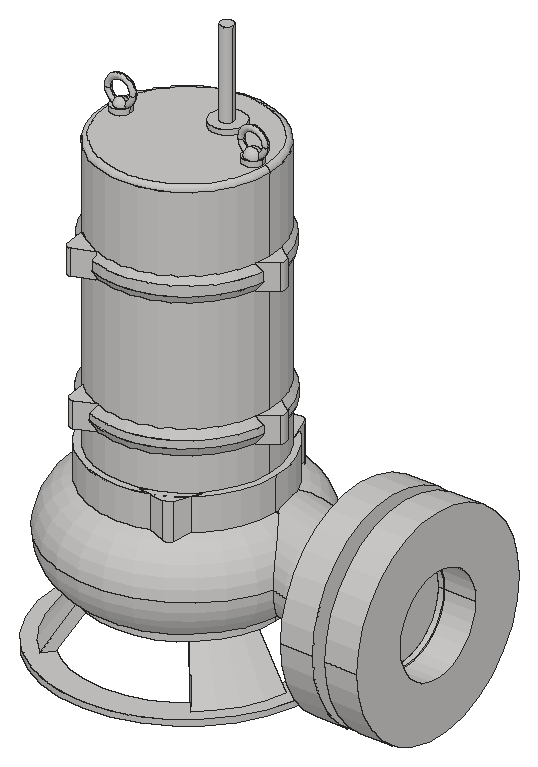
Revit family "CNP_Погружной канализационный насос WQ(I)", category Оборудование, Revit 2027
Family settings
  Размер круглого соединителя = Использовать диаметр
  Классификация = Насос
  Тип детали = Нормальный
  На основе рабочей плоскости = Нет
  Всегда вертикально = Да
  При загрузке вырезать с полостями = Нет
  Сохранять ориентацию аннотаций = Нет
  Общий = Нет
  Точка принадлежности помещению = Нет
Parameters (values of type "100WQ50-7-2.2(I)")
  Частота = size_lookup(ТВ, "Частота", 0, DN, Производительность, Напор, ADSK_Номинальная мощность, Количество полюсов, ADSK_Напряжение)  # 2880
  Толщина фланца = if(DN < 200 mm, DN / 3, DN / 4)  # 33.333 mm
  Температура рабочей среды = "от-15 до +110℃"  # constant formula
  ТВ = "wq"  # constant formula
  Степень защиты IP = "IP55"  # constant formula
  Разработчик = "https://3dbim.pro/"
  Радиус основной = Диаметр основной / 3  # 57.42 mm
  Рабочее давление = 10.0 bar
  Рабочая среда = "Чистая невзрывоопасная маловязкая жидкость несодержащая абразивных частиц и волокон."  # constant formula
  Производительность = 50.0 m³/h
  Отметка по умолчанию = 0 mm
  Ось = H2 - L + Толщина фланца * 1.2  # 110 mm
  Обратный фланец [instance] = yes
  Напор = 7.00 mm
  Материал рабочего колеса = "Бронза"
  Количество полюсов = 2
  Класс изоляции = " F"
  Диаметр фланца = if(DN = 40 mm, 130 mm, if(DN = 50 mm, 140 mm, if(DN = 65 mm, 160 mm, if(DN = 80 mm, 190 mm, if(DN = 100 mm, 210 mm, if(DN = 150 mm, 265 mm, if(DN = 200 mm, 320 mm, if(DN = 250 mm, 375 mm, if(DN = 300 mm, 440 mm, if(DN = 350 mm, 490 mm, if(DN = 400 mm, 565 mm, 675 mm)))))))))))  # 210 mm
  Диаметр основной ось = Диаметр основной * 0.89  # 153.311 mm
  Диаметр основной = H * 0.33  # 172.26 mm
  L = if(DN = 40 mm, 115 mm, if(DN = 50 mm, 125 mm, if(DN = 65 mm, 140 mm, if(DN = 80 mm, 150 mm, if(DN = 100 mm, 200 mm, if(DN = 150 mm, 250 mm, if(DN = 200 mm, 300 mm, if(DN = 250 mm, 300 mm, if(DN = 300 mm, 300 mm, if(DN = 350 mm, 350 mm, if(DN = 400 mm, 400 mm, 500 mm)))))))))))  # 200 mm
  H2 = size_lookup(ТВ, "H2", 0 mm, DN, Производительность, Напор, ADSK_Номинальная мощность, Количество полюсов, ADSK_Напряжение)  # 270 mm
  H = size_lookup(ТВ, "H", 0 mm, DN, Производительность, Напор, ADSK_Номинальная мощность, Количество полюсов, ADSK_Напряжение)  # 522 mm
  F справа = F - F слева  # 221.344 mm
  F слева = Диаметр основной ось / 2 + DN / 4  # 101.656 mm
  F = size_lookup(ТВ, "F", 0 mm, DN, Производительность, Напор, ADSK_Номинальная мощность, Количество полюсов, ADSK_Напряжение)  # 323 mm
  DN = 100 mm
  ADSK_Этаж [instance] = ""
  ADSK_Ток = ADSK_Номинальная мощность / (ADSK_Коэффициент мощности * ADSK_Напряжение * sqrt(ADSK_Количество фаз числовое) * ADSK_КПД)  # 3.34255 A
  ADSK_Расход жидкости [instance] = 0.0 m³/h
  ADSK_Примечание [instance] = ""
  ADSK_Потеря давления жидкости [instance] = 0.0 bar
  ADSK_Полная мощность = ADSK_Номинальная мощность / ADSK_Коэффициент мощности  # 2200 VA
  ADSK_Позиция [instance] = ""
  ADSK_Обозначение = ""
  ADSK_Номинальная мощность = 2.2 kW
  ADSK_Напряжение = 380 V
  ADSK_Наименование краткое = "Погружной канализационный насос"  # constant formula
  ADSK_Наименование = size_lookup(ТВ, "ADSK_Наименование", "Нет данных", DN, Производительность, Напор, ADSK_Номинальная мощность, Количество полюсов, ADSK_Напряжение)  # "Погружной канализационный насос с 2-х полюсным ЭД 100WQ50-7-2.2(I)"
  ADSK_Материал наименование = ""
  ADSK_Материал = Чугун
  ADSK_Масса_Текст = size_lookup(ТВ, "ADSK_Масса_Текст", "Нет данных", DN, Производительность, Напор, ADSK_Номинальная мощность, Количество полюсов, ADSK_Напряжение)  # "43"
  ADSK_Масса = 15
  ADSK_Марка = ADSK_Код изделия  # "100WQ50-7-2.2(I)"
  ADSK_Коэффициент мощности = 1  # constant formula
  ADSK_Количество фаз числовое = 3
  ADSK_Количество фаз = 3
  ADSK_Количество = 1  # constant formula
  ADSK_Код изделия = size_lookup(ТВ, "ADSK_Код изделия", "Нет данных", DN, Производительность, Напор, ADSK_Номинальная мощность, Количество полюсов, ADSK_Напряжение)  # "100WQ50-7-2.2(I)"
  ADSK_КПД = 1  # constant formula
  ADSK_Завод-изготовитель = "CNP"  # constant formula
  ADSK_Единица измерения = "шт."  # constant formula
  ADSK_Диаметр условный = DN  # 100 mm
  ADSK_Версия Revit = "2019"  # constant formula
  ADSK_URL страницы изделия = "www.cnprussia.ru"
Reference planes
  plane 1 "По центру (Вперед/Назад)": y = 0
  plane 2: z = 0
  plane 3 "По центру (Влево/Вправо)": x = 0
  plane 4 "F": x = 221.344
  plane 5: x = -169
  plane 6: x = 169
  plane 7: x = -101.656
  plane 8 "ось": z = 110
  plane 9: y = 57.42
Forms (mm)
  Sweep 1, solid, material "Чугун" <- "ADSK_Материал", detail levels fine
    path origin (0, 0, 110) x (-1, 0, 0) y (0, -1, 0)
      loop
        circle (0, 0) r 76.656
    profile origin (0, -76.656, 110) x (0, 1, 0) y (0, 0, 1)
      loop
        circle (0, -0.178) r 50
  Sweep 2, solid, material "Чугун" <- "ADSK_Материал", detail levels fine
    path origin (0, 0, 110) x (-1, 0, 0) y (0, -1, 0)
      loop
        arc (-221.344, 0) -> (-107.075, -14.843) -> (0, -57.42) r 463.41
    profile origin (107.075, 14.843, 110) x (-0.251103, -0.96796, 0) y (0, 0, 1)
      loop
        circle (0, 0) r 50
Lines and regions (mm)
  model lines, detail levels coarse+medium
    curve 1: line (0, 0, 38.5) -> (0, 0, 110)
    curve 2: line (0, 0, 110) -> (225.344, 0, 110)
Dimensions and locks
  equal spacing: plane 6, plane 3 "По центру (Влево/Вправо)", plane 5
  plane 6 to plane 5 = 338 mm
  "F слева": plane 3 "По центру (Влево/Вправо)" to plane 7
  "F справа": plane 4 "F" to plane 3 "По центру (Влево/Вправо)"
  "Ось": plane 8 "ось" to level
  "Радиус основной": plane 9 to plane 1 "По центру (Вперед/Назад)"
  plane 4 "F" to plane 7 = 323 mm
  "DN": diameter of Sweep 1 sketch curve
  "Диаметр основной ось": diameter of Sweep 1 sketch curve
  "DN": diameter of Sweep 2 sketch curve
  aligned and locked: level to plane 2
  aligned and locked: plane 3 "По центру (Влево/Вправо)" to nested 1
  aligned and locked: plane 1 "По центру (Вперед/Назад)" to nested 1
  aligned and locked: plane 3 "По центру (Влево/Вправо)" to Sweep 2 sketch curve
  aligned and locked: plane 9 to Sweep 2 sketch curve
  aligned and locked: plane 4 "F" to Sweep 2 sketch curve
  aligned and locked: plane 1 "По центру (Вперед/Назад)" to Sweep 2 sketch curve
  aligned and locked: plane 8 "ось" to Sweep 2
  aligned and locked: nested 2 to plane 1 "По центру (Вперед/Назад)"
  aligned and locked: plane 8 "ось" to nested 1
  aligned and locked: nested 2 to plane 8 "ось"
  aligned and locked: nested 1 to curve 1
  aligned and locked: plane 1 "По центру (Вперед/Назад)" to nested 4
  aligned and locked: plane 3 "По центру (Влево/Вправо)" to nested 4
  aligned and locked: plane 8 "ось" to nested 4
  aligned and locked: curve 2 to nested 2
  aligned and locked: nested 3 to plane 8 "ось"
  aligned and locked: plane 4 "F" to nested 2
  aligned and locked: plane 8 "ось" to nested 5
  aligned and locked: plane 4 "F" to nested 5
Automatic sketch dimensions
  curve 1 to plane 3 "По центру (Влево/Вправо)" = 0 mm
  plane 4 "F" to curve 2 = 4 mm
  plane 1 "По центру (Вперед/Назад)" to Sweep 1 sketch curve = 0 mm
  Sweep 1 sketch curve to plane 3 "По центру (Влево/Вправо)" = 0 mm
  Sweep 1 sketch curve to profile plane = 0 mm
  Sweep 1 sketch curve to profile plane = 0.178 mm
  plane 4 "F" to Sweep 2 sketch curve = 2.094 mm
  plane 8 "ось" to Sweep 2 sketch curve = 0 mm
  Sweep 2 sketch curve to profile plane = 0 mm
Nested families
  nested 1: "Вл.Корпус" at (0, 0, 0), H <- "H", F <- "F", H9 <- "Ось", DN <- "DN", type "Вл.Корпус", detail levels fine
    with Расстояние между кольцами 137.808 mm, Радиус основной 86.13 mm, Радиус колец 13.05 mm, Н общая 568.98 mm, Зона обслужинания yes, Диаметр трубки1 12.92 mm, Диаметр трубки 34.452 mm, Диаметр основной2 186.041 mm, Диаметр основной полый 145.116 mm, Диаметр основной 172.26 mm, Диаметр ножки нижний 244.296 mm, Диаметр нижний внутренний полый 195.437 mm, Диаметр нижний внутренний 217.152 mm, Диаметр нижний 271.44 mm, Диаметр кольца 5.22 mm, Высота дуги 26.1 mm, H9-6 80.008 mm, H9 110 mm, H8 380.016 mm, H7 237.51 mm, H6 190.008 mm, H5 55 mm, H4 475.02 mm, H10 16.5 mm, H 522 mm, F 323 mm, DN 100 mm, ADSK_Этаж "", ADSK_Примечание "", ADSK_Позиция ""
  nested 2: "Вл_ФЛАНЕЦ" at (198.011, 0, 110) x (-1, 0, 0) z (0, 0, 1), Диаметр фланца <- "DN", Диаметр наружный <- "Диаметр фланца", ADSK_Материал <- "ADSK_Материал", Толщина фланца <- "Толщина фланца", type "Вл_ФЛАНЕЦ", detail levels fine
    with Толщина фланца 33.333 mm, Толщина пластинки 6.667 mm, Диаметр фланца 100 mm, Диаметр наружный 210 mm, ds11 150 mm, ds1 145 mm, NN 8, ADSK_Материал Чугун
  nested 3: "УГО_ЭУ_Насос" at (0, 0, 110) x (1, 0, 0) z (0, -1, 0), D <- "DN", type "УГО_ЭУ_Насос", detail levels coarse+medium
    with D 100 mm, A2 25 mm, A1 50 mm
  nested 4: "УГО_Насос" at (0, 0, 110) x (1, 0, 0) z (0, 1, 0), УГО_D <- "DN", type "УГО_Насос", detail levels coarse+medium
    with УГО_D 100 mm, D1 103 mm, B 25 mm, A 86.603 mm
  nested 5: "Вл_ФЛАНЕЦ" at (244.678, 0, 110), Диаметр фланца <- "DN", Диаметр наружный <- "Диаметр фланца", ADSK_Материал <- "ADSK_Материал", Толщина фланца <- "Толщина фланца", visible <- "Обратный фланец", type "Вл_ФЛАНЕЦ", detail levels fine
    with Толщина фланца 33.333 mm, Толщина пластинки 6.667 mm, Диаметр фланца 100 mm, Диаметр наружный 210 mm, ds11 150 mm, ds1 145 mm, NN 8, ADSK_Материал Чугун
Connectors
  piping at (221.344, 0, 110), diameter 100, driven by "ADSK_Расход жидкости", driven by "DN"
    settings: on nested 2, index 2, connector inside diameter 609.6 mm, connector length 0 mm, flow factor 0, pipe flow 0.0 m³/h, pressure drop 0.0 bar, fitting loss kfactor 0, connector angle 0.00°, fixture units 0, engagement length 0 mm, angle of deflection 0.00°, flow configuration 0, flow direction 2, fitting loss method 0, system type 29, joint type 0, gender type 0, connector reference index 3, connector utility 0, adjustable connector no, is connector primary yes, connector description ""
  piping at (0, 0, 38.5), diameter 100, driven by "DN", driven by "ADSK_Расход жидкости"
    settings: on nested 1, index 3, connector inside diameter 609.6 mm, connector length 0 mm, flow factor 0, pipe flow 0.0 m³/h, pressure drop 0.0 bar, fitting loss kfactor 0, connector angle 0.00°, fixture units 0, engagement length 0 mm, angle of deflection 0.00°, flow configuration 0, flow direction 1, fitting loss method 0, system type 29, joint type 0, gender type 0, connector reference index 2, connector utility 0, adjustable connector no, is connector primary no, connector description ""
  electrical at (14.267, 34.452, 568.98), driven by "ADSK_Напряжение", driven by "ADSK_Полная мощность", driven by "ADSK_Коэффициент мощности", driven by "ADSK_Количество фаз"
    settings: on nested 1, index 4, voltage 380 V, apparent load 2200 VA, apparent load phase1 0 VA, apparent load phase2 0 VA, apparent load phase3 0 VA, power factor 1, load classification "Прочее", number of poles 3, system type 30, power factor state 1, is connector primary yes, connector utility no, sub classification motor no, connector description ""
Definition of nested family "Вл.Корпус"
  Parameters (values of type "Вл.Корпус")
    Частота вращения = "1450"
    Толщина зубца = 10 mm
    Тип соединения = "Фланцевое"  # constant formula
    Температура рабочей среды = "от-15 до +110℃"  # constant formula
    ТВ = "Насосы_NIS"  # constant formula
    Степень защиты IP = "IP55"  # constant formula
    Срок службы = "10 лет"  # constant formula
    Расстояние между кольцами [instance] = Диаметр основной * 0.8  # 211.2 mm
    Разработчик = "https://3dbim.pro/"
    Радиус основной [instance] = Диаметр основной / 2  # 132 mm
    Радиус колец [instance] = H * 0.025  # 20 mm
    Радиус загиба = 5 mm  # constant formula
    Рабочее давление = 10.0 bar
    Рабочая среда = "Чистая невзрывоопасная маловязкая жидкость несодержащая абразивных частиц и волокон."  # constant formula
    Default Elevation = 0 mm
    Номинальный напор = "8.5"
    Номинальный КПД = "45"
    Номинальная подача = 6.3 m³/h
    Нзначение = "Водоснабжение, системы кондиционирования, противопожарные и ирригационны"  # constant formula
    Н общая [instance] = H * 1.09  # 872 mm
    Материал рабочего колеса = "Бронза"
    Класс изоляции = " F"  # constant formula
    Зона обслужинания [instance] = yes
    Диаметр трубки1 [instance] = Радиус основной * 0.15  # 19.8 mm
    Диаметр трубки [instance] = Радиус основной * 0.4  # 52.8 mm
    Диаметр основной2 [instance] = Диаметр основной * 1.08  # 285.12 mm
    Диаметр основной полый [instance] = Диаметр основной - Диаметр нижний * 0.1  # 222.4 mm
    Диаметр основной [instance] = H * 0.33  # 264 mm
    Диаметр ножки нижний [instance] = Диаметр нижний внутренний + Диаметр нижний * 0.1  # 374.4 mm
    Диаметр нижний внутренний полый [instance] = Диаметр нижний внутренний * 0.9  # 299.52 mm
    Диаметр нижний внутренний [instance] = Диаметр нижний * 0.8  # 332.8 mm
    Диаметр нижний [instance] = H * 0.52  # 416 mm
    Диаметр кольца [instance] = H * 0.01  # 8 mm
    Габаритные размеры = "483х352х336"
    Высота дуги [instance] = H * 0.05  # 40 mm
    Type = 19 mm
    H9-6 [instance] = H6 - H9  # 83.2 mm
    H9 [instance] = 208 mm
    H8 [instance] = H4 * 0.8  # 582.4 mm
    H7 [instance] = H4 * 0.5  # 364 mm
    H6 [instance] = H4 * 0.4  # 291.2 mm
    H5 [instance] = H9 / 2  # 104 mm
    H4 [instance] = H * 0.91  # 728 mm
    H10 [instance] = H5 * 0.3  # 31.2 mm
    H [instance] = 800 mm
    F [instance] = 500 mm
    DN [instance] = 50 mm
    ADSK_Этаж [instance] = ""
    ADSK_Ток = 0 A
    ADSK_Расход жидкости = 0.0 m³/h
    ADSK_Примечание [instance] = ""
    ADSK_Потеря давления жидкости = 0.0 bar
    ADSK_Полная мощность = 0 VA
    ADSK_Позиция [instance] = ""
    ADSK_Обозначение = "NIS50-32-160/0.55"
    ADSK_Номинальная мощность = 0.55 kW
    ADSK_Напряжение = 220 V
    ADSK_Наименование краткое = "Насос NIS50-32-160/0.55"
    ADSK_Наименование = "Насос NIS50-32-160/0.55, 0,55 кВт, 1x220В, 50 Гц, рабочее колесо бронза"
    ADSK_Материал наименование = "Чугун HT200"
    ADSK_Материал = none
    ADSK_Масса_Текст = "44"
    ADSK_Марка = ADSK_Обозначение  # "NIS50-32-160/0.55"
    ADSK_Количество фаз числовое = 1
    ADSK_Количество фаз = 1
    ADSK_Количество = 1  # constant formula
    ADSK_Код изделия = "NIS50-32-160/0.55DWC"
    ADSK_Завод-изготовитель = "CNP"  # constant formula
    ADSK_Единица измерения = "шт."  # constant formula
    ADSK_Диаметр условный = 50 mm
    ADSK_Версия Revit = "2019"  # constant formula
    ADSK_URL страницы изделия = "www.cnprussia.ru"
  Reference planes
    plane 1 "По центру (Вперед/Назад)": y = 0
    plane 2: z = 0
    plane 3 "По центру (Влево/Вправо)": x = 0
    plane 4 "1": z = 104
    plane 5: z = 800
    plane 6: x = -208
    plane 7: x = 208
    plane 8: z = 872
    plane 9: z = 728
    plane 10: z = 6
    plane 11: z = 582.4
    plane 12: z = 291.2
    plane 13: z = 208
    plane 14: z = 364
    plane 15: x = -105.6
    plane 16: x = 105.6
    plane 17: z = 733
    plane 18: x = -105.6
    plane 19: x = 105.6
    plane 20: x = -105.6
    plane 21 "2": x = -105.6
    plane 22: x = 105.6
    plane 23: through (0, 0, 1200) normal (-0.866, -0.5, 0)
    plane 24: through (0, 0, 1200) normal (0.866, -0.5, 0)
    plane 25: through (0, 0, 1200) normal (-0.5, 0.866, 0)
    plane 26: through (0, 0, 1200) normal (0.5, 0.866, 0)
    plane 27: through (0, 0, 1200) normal (-0.866, 0.5, 0)
    plane 28: through (0, 0, 1200) normal (0.866, 0.5, 0)
    plane 29: x = -132
    plane 30: x = 132
    plane 31: x = 105.6
    plane 32: z = 72.8
  Forms (mm)
    Extrusion 1, solid, material <- "ADSK_Материал"
      sketch origin (0, 0, 0) x (1, 0, 0) y (0, 1, 0)
        loop
          circle (0, 0) r 132
      from 291.2 to 728
    Extrusion 2, solid, material <- "ADSK_Материал"
      sketch origin (0, 0, 0) x (1, 0, 0) y (0, 1, 0)
        loop
          circle (0, 0) r 208
        loop
          circle (0, 0) r 166.4
      from 0 to 6
    Revolve 3, solid, material <- "ADSK_Материал"
      sketch origin (0, 0, 0) x (1, 0, 0) y (0, 0, 1)
        loop
          line (0, 602.4) -> (0, 562.4) -> (132, 562.4) -> (140.608, 577.309) -> (140.608, 587.491) -> (132, 602.4) -> (0, 602.4)
        axis (0, 602.4) -> (0, 562.4)
      angle from 0 to 360
    Revolve 4, solid, material <- "ADSK_Материал"
      sketch origin (0, 0, 0) x (1, 0, 0) y (0, 0, 1)
        loop
          line (0, 384) -> (0, 344) -> (132, 344) -> (141.33, 360.16) -> (141.33, 367.84) -> (132, 384) -> (0, 384)
        axis (0, 384) -> (0, 344)
      angle from 0 to 360
    Extrusion 5, solid, material <- "ADSK_Материал"
      sketch origin (0, 0, 0) x (1, 0, 0) y (0, 1, 0)
        loop
          circle (-105.6, 0) r 10
        loop
          circle (105.6, 0) r 10
      from 728 to 733
    Revolve 6, solid, material <- "ADSK_Материал"
      sketch origin (0, 0, 0) x (1, 0, 0) y (0, 0, 1)
        loop
          line (-111.917, 733) -> (-98.623, 733)
          arc (-98.623, 733) -> (-105.27, 739.647) -> (-111.917, 733) r 6.647
        axis (-111.917, 733) -> (-98.623, 733)
      angle from 0 to 360
    Sweep 7, solid, material <- "ADSK_Материал"
      path origin (-0.795, 0, -5.751) x (1, 0, 0) y (0, 0, 1)
        loop
          circle (-104.805, 758.751) r 20
      profile origin (-105.6, 0, 773) x (0, 0, -1) y (0, -1, 0)
        loop
          circle (0, 0) r 4
    Revolve 8, solid, material <- "ADSK_Материал"
      sketch origin (7.5, 0, 0) x (-1, 0, 0) y (0, 0, 1)
        loop
          line (-106.153, 733) -> (-90.153, 733)
          arc (-90.153, 733) -> (-98.153, 741) -> (-106.153, 733) r 8
        axis (-90.153, 733) -> (-106.153, 733)
      angle from 0 to 360
    Sweep 9, solid, material <- "ADSK_Материал"
      path origin (0, 0, 1.25) x (-1, 0, 0) y (0, 0, 1)
        loop
          circle (-105.975, 751.75) r 19.625
      profile origin (105.975, 0, 772.625) x (0, 0, 1) y (0, -1, 0)
        loop
          circle (0, 0) r 4
    Extrusion 10, solid, material <- "ADSK_Материал"
      sketch origin (0, 0, 0) x (1, 0, 0) y (0, 1, 0)
        loop
          circle (15.102, 52.8) r 26.4
      from 728 to 733
    Extrusion 11, solid, material <- "ADSK_Материал"
      sketch origin (0, 0, 0) x (1, 0, 0) y (0, 1, 0)
        loop
          circle (14.267, 52.8) r 9.9
      from 733 to 872
    Blend 12, solid, material <- "ADSK_Материал"
      base sketch origin (0, 0, 0) x (1, 0, 0) y (0, 1, 0)
        loop
          circle (0, 0) r 187.2
      top sketch origin (0, 0, 0) x (1, 0, 0) y (0, 1, 0)
        loop
          circle (0, 0) r 132
      from 6 to 104
    Extrusion 13, void
      sketch origin (0, 0, 0) x (1, 0, 0) y (0, 1, 0)
        loop
          line (0, 0) -> (327.744, -57.79) -> (113.824, 312.73) -> (0, 0)
      from 6 to 104
    Blend 14, void
      base sketch origin (0, 0, 0) x (1, 0, 0) y (0, 1, 0)
        loop
          circle (0, 0) r 166.4
      top sketch origin (0, 0, 0) x (1, 0, 0) y (0, 1, 0)
        loop
          circle (0, 0) r 111.2
      from 6 to 104
    Extrusion 15, void
      sketch origin (0, 0, 0) x (1, 0, 0) y (0, 1, 0)
        loop
          line (0, 0) -> (-113.824, 312.73) -> (-327.744, -57.79) -> (0, 0)
      from 6 to 104
    Extrusion 16, void
      sketch origin (0, 0, 0) x (1, 0, 0) y (0, 1, 0)
        loop
          line (0, 0) -> (-213.92, -254.94) -> (213.92, -254.94) -> (0, 0)
      from 6 to 104
    Extrusion 17, solid, material <- "ADSK_Материал"
      sketch origin (0, 0, 0) x (1, 0, 0) y (0, 1, 0)
        loop
          circle (0, 0) r 142.56
      from 104 to 291.2
    Revolve 18, void
      sketch origin (0, 0, 0) x (1, 0, 0) y (0, 0, 1)
        loop
          arc (127, 728) -> (130.536, 726.536) -> (132, 723) r 5
          line (132, 723) -> (132, 728) -> (127, 728)
        axis (0, 728) -> (0, 723)
      angle from 0 to 360
    Extrusion 19, solid, material <- "ADSK_Материал"
      sketch origin (0, 0, 0) x (1, 0, 0) y (0, 1, 0)
        loop
          circle (0, 0) r 25
      from 72.8 to 104
  Cuts and joins
    Extrusion 13, Blend 14, Extrusion 15, Extrusion 16, Revolve 18 cuts Extrusion 1
    Extrusion 13, Extrusion 15, Extrusion 16 cuts Extrusion 2
    Extrusion 13, Blend 14, Extrusion 15, Extrusion 16 cuts Revolve 4
    Extrusion 13, Blend 14, Extrusion 15, Extrusion 16 cuts Blend 12
  Dimensions and locks
    "H": plane 5 to level
    "H5": plane 4 "1" to level
    equal spacing: plane 7, plane 3 "По центру (Влево/Вправо)", plane 6
    "Н общая": plane 8 to level
    "Диаметр нижний": plane 7 to plane 6
    "H4": plane 9 to level
    plane 10 to level = 6 mm
    "H6": plane 12 to level
    "H7": plane 14 to level
    "H8": plane 11 to level
    equal spacing: Revolve 3 sketch curve, plane 11, Revolve 3 sketch curve  (x2)
    equal spacing: Revolve 4 sketch curve, plane 14, Revolve 4 sketch curve  (x2)
    equal spacing: plane 15, plane 3 "По центру (Влево/Вправо)", plane 16
    locked: plane 17 to plane 9 at 5
    equal spacing: plane 19, plane 3 "По центру (Влево/Вправо)", plane 18
    "H9": plane 13 to level
    "Диаметр нижний внутренний": Extrusion 15 sketch curve to Extrusion 15 sketch curve  (x2)
    "Диаметр нижний внутренний": Extrusion 13 sketch curve to Extrusion 13 sketch curve  (x2)
    "Высота дуги": Revolve 4 sketch curve to Revolve 4 sketch curve
    "Радиус основной": Revolve 4 sketch curve to plane 3 "По центру (Влево/Вправо)"  (x2)
    Revolve 4 sketch curve to Revolve 4 sketch curve = 7.679 mm
    "Радиус основной": Revolve 3 sketch curve to plane 3 "По центру (Влево/Вправо)"  (x2)
    "Высота дуги": Revolve 3 sketch curve to Revolve 3 sketch curve
    Revolve 3 sketch curve to Revolve 3 sketch curve = 10.182 mm
    "Расстояние между кольцами": plane 15 to plane 16
    equal spacing: plane 22, plane 3 "По центру (Влево/Вправо)", plane 21 "2"
    "Расстояние между кольцами": plane 22 to plane 21 "2"
    "Расстояние между кольцами": plane 19 to plane 18
    "Радиус колец": plane 21 "2" to Sweep 7 sketch curve
    "Радиус колец": Sweep 9 sketch curve to plane 22
    "Радиус основной": nested 1 to plane 3 "По центру (Влево/Вправо)"
    "Радиус основной": nested 2 to plane 25
    "Радиус основной": plane 26 to nested 4
    "Радиус основной": Revolve 18 sketch curve to plane 3 "По центру (Влево/Вправо)"
    "Радиус основной": nested 3 to plane 26
    "Радиус основной": nested 6 to plane 3 "По центру (Влево/Вправо)"
    "Радиус основной": plane 25 to nested 7
    "Диаметр нижний внутренний": Extrusion 16 sketch curve to Extrusion 16 sketch curve  (x2)
    "Радиус основной": plane 26 to nested 8
    "Радиус основной": nested 9 to plane 25
    "Радиус основной": plane 3 "По центру (Влево/Вправо)" to nested 5
    equal spacing: plane 30, plane 3 "По центру (Влево/Вправо)", plane 29
    "Диаметр основной": plane 30 to plane 29
    "Расстояние между кольцами": plane 20 to plane 31
    equal spacing: plane 20, plane 3 "По центру (Влево/Вправо)", plane 31
    "Диаметр трубки": plane 1 "По центру (Вперед/Назад)" to Extrusion 10 sketch curve
    "Диаметр трубки": plane 1 "По центру (Вперед/Назад)" to Extrusion 11 sketch curve
    "Радиус колец": Sweep 9 sketch curve to plane 17
    "Радиус колец": Sweep 7 sketch curve to plane 17
    "H10": plane 4 "1" to plane 32
    "Диаметр основной": diameter of Extrusion 1 sketch curve
    "Диаметр нижний": diameter of Extrusion 2 sketch curve
    "Диаметр нижний внутренний": diameter of Extrusion 2 sketch curve
    "Диаметр ножки нижний": diameter of Blend 12 sketch curve
    "Диаметр основной": diameter of Blend 12 sketch curve
    "Диаметр нижний внутренний": diameter of Blend 14 sketch curve
    "Диаметр основной полый": diameter of Blend 14 sketch curve
    "Диаметр основной2": diameter of Extrusion 17 sketch curve
    radius of Revolve 8 sketch curve = 8 mm
    "Радиус загиба": radius of Revolve 18 sketch curve
    "Диаметр трубки": diameter of Extrusion 10 sketch curve
    "Диаметр трубки1": diameter of Extrusion 11 sketch curve
    "Диаметр кольца": diameter of Sweep 9 sketch curve
    "Диаметр кольца": diameter of Sweep 7 sketch curve
    "DN": diameter of Extrusion 19 sketch curve
    angle plane 1 "По центру (Вперед/Назад)" to Extrusion 15 sketch curve = 10.00°  (x2)
    angle Extrusion 15 sketch curve to plane 1 "По центру (Вперед/Назад)" = 70.00°
    locked: Extrusion 16 sketch curve to plane 3 "По центру (Влево/Вправо)" (angle 40.00°)
    locked: Extrusion 13 sketch curve to plane 1 "По центру (Вперед/Назад)" (angle 10.00°)
    angle plane 1 "По центру (Вперед/Назад)" to Extrusion 13 sketch curve = 70.00°
    angle plane 3 "По центру (Влево/Вправо)" to plane 23 = 30.00°
    angle plane 24 to plane 3 "По центру (Влево/Вправо)" = 30.00°
    angle plane 25 to plane 23 = 90.00°
    angle plane 27 to plane 23 = 60.00°
    angle plane 26 to plane 27 = 90.00°
    angle plane 1 "По центру (Вперед/Назад)" to plane 28 = 120.00°
    locked: plane 3 "По центру (Влево/Вправо)" to Extrusion 16 sketch curve (angle 40.00°)
    angle plane 30 to Revolve 3 sketch curve = 30.00°
    locked: Revolve 3 sketch curve to plane 30 (angle 30.00°)
    angle plane 30 to Revolve 4 sketch curve = 30.00°
    angle Revolve 4 sketch curve to plane 30 = 30.00°
    aligned and locked: level to plane 2
    aligned and locked: plane 1 "По центру (Вперед/Назад)" to Extrusion 1 sketch curve
    aligned and locked: plane 3 "По центру (Влево/Вправо)" to Extrusion 1 sketch curve
    aligned and locked: plane 9 to Extrusion 1
    aligned and locked: plane 1 "По центру (Вперед/Назад)" to Extrusion 2 sketch curve
    aligned and locked: plane 3 "По центру (Влево/Вправо)" to Extrusion 2 sketch curve
    aligned and locked: plane 10 to Extrusion 2
    aligned and locked: Extrusion 2 to level
    aligned and locked: Revolve 3 sketch curve to plane 3 "По центру (Влево/Вправо)"
    aligned and locked: Revolve 4 sketch curve to plane 3 "По центру (Влево/Вправо)"
    aligned and locked: plane 15 to Extrusion 5 sketch curve
    aligned and locked: plane 1 "По центру (Вперед/Назад)" to Extrusion 5 sketch curve  (x2)
    aligned and locked: plane 16 to Extrusion 5 sketch curve
    aligned and locked: Extrusion 5 to plane 9
    aligned and locked: plane 17 to Extrusion 5
    aligned and locked: plane 17 to Revolve 6 sketch curve
    aligned and locked: Revolve 6 sketch curve to plane 17
    aligned and locked: Extrusion 5 to Extrusion 10
    aligned and locked: Extrusion 10 to plane 9
    aligned and locked: Extrusion 11 to plane 8
    aligned and locked: Extrusion 11 to Extrusion 5
    aligned and locked: plane 4 "1" to Blend 12
    aligned and locked: Blend 12 to plane 10
    aligned and locked: Extrusion 13 to plane 10
    aligned and locked: plane 4 "1" to Extrusion 13
    aligned and locked: plane 4 "1" to Blend 14
    aligned and locked: Blend 14 to plane 10
    aligned and locked: plane 3 "По центру (Влево/Вправо)" to Extrusion 15 sketch curve
    aligned and locked: Extrusion 15 to Extrusion 13
    aligned and locked: Extrusion 16 to Extrusion 13  (x2)
    aligned and locked: plane 3 "По центру (Влево/Вправо)" to Extrusion 13 sketch curve
    aligned and locked: plane 1 "По центру (Вперед/Назад)" to Extrusion 13 sketch curve
    aligned and locked: plane 14 to nested 1
    aligned and locked: plane 1 "По центру (Вперед/Назад)" to nested 1
    aligned and locked: plane 23 to nested 2
    aligned and locked: plane 14 to nested 2
    aligned and locked: Extrusion 1 to plane 12
    aligned and locked: plane 1 "По центру (Вперед/Назад)" to Extrusion 17 sketch curve
    aligned and locked: plane 3 "По центру (Влево/Вправо)" to Extrusion 17 sketch curve
    aligned and locked: plane 12 to Extrusion 17
    aligned and locked: Extrusion 17 to plane 4 "1"
    aligned and locked: nested 3 to plane 13
    aligned and locked: plane 24 to nested 4  (x2)
    aligned and locked: plane 11 to nested 5
    aligned and locked: plane 14 to nested 4
    aligned and locked: Revolve 18 sketch curve to plane 9
    aligned and locked: Revolve 18 sketch curve to plane 3 "По центру (Влево/Вправо)"
    aligned and locked: nested 3 to plane 27
    aligned and locked: nested 6 to plane 1 "По центру (Вперед/Назад)"
    aligned and locked: plane 11 to nested 8
    aligned and locked: plane 11 to nested 9
    aligned and locked: Extrusion 13 to Extrusion 15
    aligned and locked: plane 3 "По центру (Влево/Вправо)" to Extrusion 16 sketch curve
    aligned and locked: plane 1 "По центру (Вперед/Назад)" to Extrusion 16 sketch curve
    aligned and locked: nested 6 to plane 13
    aligned and locked: nested 7 to plane 13
    aligned and locked: plane 17 to Revolve 8 sketch curve
    aligned and locked: plane 1 "По центру (Вперед/Назад)" to Extrusion 19 sketch curve
    aligned and locked: plane 3 "По центру (Влево/Вправо)" to Extrusion 19 sketch curve
    aligned and locked: plane 4 "1" to Extrusion 19
    aligned and locked: Extrusion 19 to plane 32
  Automatic sketch dimensions
    Extrusion 2 sketch curve to Extrusion 2 sketch curve = 0 mm  (x2)
    Revolve 3 sketch curve to plane 3 "По центру (Влево/Вправо)" = 0 mm
    Revolve 3 sketch curve to Revolve 3 sketch curve = 37.916 mm
    Revolve 3 sketch curve to Revolve 3 sketch curve = 25 mm
    Revolve 4 sketch curve to plane 3 "По центру (Влево/Вправо)" = 0 mm
    Revolve 4 sketch curve to plane 13 = 8.745 mm
    Revolve 4 sketch curve to Revolve 4 sketch curve = 37 mm
    Revolve 6 sketch curve to plane 18 = 6.317 mm
    plane 18 to Revolve 6 sketch curve = 0.33 mm
    plane 29 to Revolve 6 sketch curve = 3.236 mm
    Revolve 6 sketch curve to plane 29 = 6.195 mm
    Sweep 7 sketch curve to plane 21 "2" = 0 mm
    Sweep 7 sketch curve to profile plane = 0 mm  (x2)
    Revolve 8 sketch curve to plane 17 = 0 mm
    Revolve 8 sketch curve to plane 22 = 0 mm
    Revolve 8 sketch curve to Revolve 8 sketch curve = 0.053 mm
    Revolve 8 sketch curve to Revolve 8 sketch curve = 12.293 mm
    Sweep 9 sketch curve to plane 22 = 0.375 mm
    Sweep 9 sketch curve to plane 1 "По центру (Вперед/Назад)" = 0 mm
    profile plane to Sweep 9 sketch curve = 0 mm
    plane 3 "По центру (Влево/Вправо)" to Extrusion 10 sketch curve = 15.102 mm
    plane 3 "По центру (Влево/Вправо)" to Extrusion 11 sketch curve = 14.267 mm
    plane 1 "По центру (Вперед/Назад)" to Blend 12 sketch curve = 0 mm  (x2)
    Blend 12 sketch curve to plane 3 "По центру (Влево/Вправо)" = 0 mm  (x2)
    plane 1 "По центру (Вперед/Назад)" to Blend 14 sketch curve = 0 mm  (x2)
    Blend 14 sketch curve to plane 3 "По центру (Влево/Вправо)" = 0 mm  (x2)
    plane 1 "По центру (Вперед/Назад)" to Extrusion 15 sketch curve = 0 mm
    Revolve 18 sketch curve to plane 9 = 31.729 mm
    plane 17 to Revolve 18 sketch curve = 13.271 mm
    radius of Extrusion 5 sketch curve = 10 mm  (x2)
  Nested families
    nested 1: "Зубец" at (128.7, 0, 344), Радиус окружности <- "Радиус основной", Толщина зубца <- "Высота дуги", Материал <- "ADSK_Материал", type "Зубец"
      with Ширина зубца 52.8 mm, Толщина зубца 40 mm, Радиус окружности 132 mm, Материал none, Длина зубза 26.4 mm, Длеьта в зубце 3.3 mm, Верхняя окружность 13.2 mm
    nested 2: "Зубец" at (-64.35, 111.457, 344) x (-0.5, 0.866, 0) z (0, 0, 1), Радиус окружности <- "Радиус основной", Толщина зубца <- "Высота дуги", Материал <- "ADSK_Материал", type "Зубец"
      with Ширина зубца 52.8 mm, Толщина зубца 40 mm, Радиус окружности 132 mm, Материал none, Длина зубза 26.4 mm, Длеьта в зубце 3.3 mm, Верхняя окружность 13.2 mm
    nested 3: "зубец1" at (64.35, 111.457, 208) x (0.5, 0.866, 0) z (0, 0, 1), Радиус окружности <- "Радиус основной", Толщина зубца <- "H9-6", Материал <- "ADSK_Материал", type "зубец1"
      with Ширина зубца 79.2 mm, Толщина зубца 83.2 mm, Радиус окружности 132 mm, Материал none, Длина зубза 26.4 mm, Длеьта в зубце 3.3 mm, Верхняя окружность 13.2 mm
    nested 4: "Зубец" at (-64.35, -111.457, 344) x (-0.5, -0.866, 0) z (0, 0, 1), Радиус окружности <- "Радиус основной", Толщина зубца <- "Высота дуги", Материал <- "ADSK_Материал", type "Зубец"
      with Ширина зубца 52.8 mm, Толщина зубца 40 mm, Радиус окружности 132 mm, Материал none, Длина зубза 26.4 mm, Длеьта в зубце 3.3 mm, Верхняя окружность 13.2 mm
    nested 5: "Зубец" at (128.7, 0, 562.4), Радиус окружности <- "Радиус основной", Толщина зубца <- "Высота дуги", Материал <- "ADSK_Материал", type "Зубец"
      with Ширина зубца 52.8 mm, Толщина зубца 40 mm, Радиус окружности 132 mm, Материал none, Длина зубза 26.4 mm, Длеьта в зубце 3.3 mm, Верхняя окружность 13.2 mm
    nested 6: "зубец1" at (-128.7, 0, 208) x (-1, 0, 0) z (0, 0, 1), Радиус окружности <- "Радиус основной", Толщина зубца <- "H9-6", Материал <- "ADSK_Материал", type "зубец1"
      with Ширина зубца 79.2 mm, Толщина зубца 83.2 mm, Радиус окружности 132 mm, Материал none, Длина зубза 26.4 mm, Длеьта в зубце 3.3 mm, Верхняя окружность 13.2 mm
    nested 7: "зубец1" at (64.35, -111.457, 208) x (0.5, -0.866, 0) z (0, 0, 1), Радиус окружности <- "Радиус основной", Толщина зубца <- "H9-6", Материал <- "ADSK_Материал", type "зубец1"
      with Ширина зубца 79.2 mm, Толщина зубца 83.2 mm, Радиус окружности 132 mm, Материал none, Длина зубза 26.4 mm, Длеьта в зубце 3.3 mm, Верхняя окружность 13.2 mm
    nested 8: "Зубец" at (-66, -114.315, 562.4) x (-0.5, -0.866, 0) z (0, 0, 1), Радиус окружности <- "Радиус основной", Толщина зубца <- "Высота дуги", Материал <- "ADSK_Материал", type "Зубец"
      with Ширина зубца 52.8 mm, Толщина зубца 40 mm, Радиус окружности 132 mm, Материал none, Длина зубза 26.4 mm, Длеьта в зубце 3.3 mm, Верхняя окружность 13.2 mm
    nested 9: "Зубец" at (-64.35, 111.457, 562.4) x (-0.5, 0.866, 0) z (0, 0, 1), Радиус окружности <- "Радиус основной", Толщина зубца <- "Высота дуги", Материал <- "ADSK_Материал", type "Зубец"
      with Ширина зубца 52.8 mm, Толщина зубца 40 mm, Радиус окружности 132 mm, Материал none, Длина зубза 26.4 mm, Длеьта в зубце 3.3 mm, Верхняя окружность 13.2 mm
  Definition of nested family "Зубец"
    Parameters (values of type "Зубец")
      Ширина зубца [instance] = 0.4 * Радиус окружности  # 240 mm
      Толщина зубца [instance] = 20 mm
      Радиус окружности [instance] = 600 mm
      Default Elevation = 1219.2 mm
      Материал [instance] = none
      Длина зубза [instance] = 0.2 * Радиус окружности  # 120 mm
      Длеьта в зубце [instance] = Радиус окружности * 0.025  # 15 mm
      Верхняя окружность [instance] = 0.1 * Радиус окружности  # 60 mm
    Reference planes
      plane 1 "По центру (Вперед/Назад)": y = 0
      plane 2: z = 0
      plane 3 "По центру (Влево/Вправо)": x = 0
      plane 4: y = 120
      plane 5: y = -120
      plane 6: x = 120
      plane 7: y = 30
      plane 8: y = -30
      plane 9: z = 20
      plane 10: y = 0
      plane 11: x = -585
      plane 12: x = 15
      plane 13: z = 10
    Forms (mm)
      Extrusion 1, solid, material <- "Материал"
        sketch origin (0, 0, 0) x (1, 0, 0) y (0, 1, 0)
          loop
            line (0, 120) -> (0, -120) -> (120, -30)
            arc (120, -30) -> (143.423, 0) -> (120, 30) r 30.923
            line (120, 30) -> (0, 120)
        from 0 to 20
    Dimensions and locks
      equal spacing: plane 4, plane 1 "По центру (Вперед/Назад)", plane 5
      "Ширина зубца": plane 4 to plane 5
      "Длина зубза": plane 3 "По центру (Влево/Вправо)" to plane 6
      equal spacing: plane 7, plane 1 "По центру (Вперед/Назад)", plane 8
      "Верхняя окружность": plane 7 to plane 8
      "Толщина зубца": plane 9 to plane 2
      "Длеьта в зубце": plane 3 "По центру (Влево/Вправо)" to plane 12
      "Радиус окружности": plane 11 to plane 12
      equal spacing: plane 9, plane 13, plane 2
      aligned and locked: level to plane 2
      aligned and locked: plane 9 to Extrusion 1
      aligned and locked: Extrusion 1 to level
      aligned and locked: plane 10 to plane 1 "По центру (Вперед/Назад)"
    Automatic sketch dimensions
      Extrusion 1 sketch curve to plane 3 "По центру (Влево/Вправо)" = 0 mm
      Extrusion 1 sketch curve to plane 6 = 0 mm  (x2)
      Extrusion 1 sketch curve to plane 5 = 0 mm
      Extrusion 1 sketch curve to plane 8 = 0 mm
      Extrusion 1 sketch curve to plane 7 = 0 mm
      Extrusion 1 sketch curve to plane 4 = 0 mm
      Extrusion 1 sketch curve to plane 6 = 7.5 mm
  Definition of nested family "зубец1"
    Parameters (values of type "зубец1")
      Ширина зубца [instance] = 0.6 * Радиус окружности  # 360 mm
      Толщина зубца [instance] = 20 mm
      Радиус окружности [instance] = 600 mm
      Default Elevation = 1219.2 mm
      Материал [instance] = none
      Длина зубза [instance] = 0.2 * Радиус окружности  # 120 mm
      Длеьта в зубце [instance] = Радиус окружности * 0.025  # 15 mm
      Верхняя окружность [instance] = 0.1 * Радиус окружности  # 60 mm
    Reference planes
      plane 1 "По центру (Вперед/Назад)": y = 0
      plane 2: z = 0
      plane 3 "По центру (Влево/Вправо)": x = 0
      plane 4: y = 180
      plane 5: y = -180
      plane 6: x = 120
      plane 7: y = 30
      plane 8: y = -30
      plane 9: z = 20
      plane 10: y = 0
      plane 11: x = -585
      plane 12: x = 15
      plane 13: z = 10
    Forms (mm)
      Extrusion 1, solid, material <- "Материал"
        sketch origin (0, 0, 0) x (1, 0, 0) y (0, 1, 0)
          loop
            line (0, 180) -> (0, -180) -> (120, -30)
            arc (120, -30) -> (143.423, 0) -> (120, 30) r 30.923
            line (120, 30) -> (0, 180)
        from 0 to 20
    Dimensions and locks
      equal spacing: plane 4, plane 1 "По центру (Вперед/Назад)", plane 5
      "Ширина зубца": plane 4 to plane 5
      "Длина зубза": plane 3 "По центру (Влево/Вправо)" to plane 6
      equal spacing: plane 7, plane 1 "По центру (Вперед/Назад)", plane 8
      "Верхняя окружность": plane 7 to plane 8
      "Толщина зубца": plane 9 to plane 2
      "Длеьта в зубце": plane 3 "По центру (Влево/Вправо)" to plane 12
      "Радиус окружности": plane 11 to plane 12
      equal spacing: plane 9, plane 13, plane 2
      aligned and locked: level to plane 2
      aligned and locked: plane 9 to Extrusion 1
      aligned and locked: Extrusion 1 to level
      aligned and locked: plane 10 to plane 1 "По центру (Вперед/Назад)"
    Automatic sketch dimensions
      Extrusion 1 sketch curve to plane 3 "По центру (Влево/Вправо)" = 0 mm
      Extrusion 1 sketch curve to plane 6 = 0 mm  (x2)
      Extrusion 1 sketch curve to plane 5 = 0 mm
      Extrusion 1 sketch curve to plane 8 = 0 mm
      Extrusion 1 sketch curve to plane 7 = 0 mm
      Extrusion 1 sketch curve to plane 4 = 0 mm
      Extrusion 1 sketch curve to plane 6 = 7.5 mm
Definition of nested family "Вл_ФЛАНЕЦ"
  Parameters (values of type "Вл_ФЛАНЕЦ")
    Толщина пластинки [instance] = 0.2 * Толщина фланца  # 4 mm
    Разработчик = "https://3dbim.pro/"
    Default Elevation = 0 mm
    Manufacturer = ""
    Диаметр фланца [instance] = 40 mm
    Диаметр наружный [instance] = 180 mm
    ds11 [instance] = if(Диаметр фланца < 350 mm, Диаметр наружный - 60 mm, Диаметр наружный - 90 mm)  # 120 mm
    ds1 [instance] = ds11 - 5 mm  # 115 mm
    NN [instance] = 8  # constant formula
    Толщина фланца [instance] = 20 mm
    ADSK_Материал [instance] = none
    ADSK_Версия Revit = "2019"  # constant formula
  Reference planes
    plane 1 "По центру (Вперед/Назад)": y = 0
    plane 2: z = 0
    plane 3 "По центру (Влево/Вправо)": x = 0
    plane 4: x = -10
    plane 5: x = 10
    plane 6: x = -14
    plane 7: z = 0
  Forms (mm)
    Extrusion 1, solid, material <- "ADSK_Материал", detail levels fine
      sketch origin (62.226, 10.469, 0) x (0, 1, 0) y (0, 0, 1)
        loop
          circle (-10.469, 0) r 90
        loop
          circle (-10.469, 0) r 20
      from -72.226 to -52.226
    Blend 2, solid, material <- "ADSK_Материал", detail levels fine
      base sketch origin (0, 0, 0) x (0, 1, 0) y (0, 0, 1)
        loop
          circle (0, 0) r 57.5
      top sketch origin (0, 0, 0) x (0, 1, 0) y (0, 0, 1)
        loop
          circle (0, 0) r 60
      from -14 to -10
    Extrusion 3, void
      sketch origin (0, 0, 0) x (0, 1, 0) y (0, 0, 1)
        loop
          circle (0, 0) r 20
      from -14 to -10
  Cuts and joins
    Extrusion 3 cuts Blend 2
  Lines and regions (mm)
    model lines, detail levels coarse+medium
      curve 1: line (-14, 0, 0) -> (10, 0, 0)
  Dimensions and locks
    "Толщина пластинки": plane 4 to plane 6
    equal spacing: plane 5, plane 3 "По центру (Влево/Вправо)", plane 4
    "Толщина фланца": plane 5 to plane 4
    "Диаметр наружный": diameter of Extrusion 1 sketch curve
    "ds1": diameter of Blend 2 sketch curve
    "ds11": diameter of Blend 2 sketch curve
    "Диаметр фланца": diameter of Extrusion 1 sketch curve
    "Диаметр фланца": diameter of Extrusion 3 sketch curve
    aligned and locked: level to plane 2
    aligned and locked: plane 2 to Extrusion 1 sketch curve
    aligned and locked: plane 1 "По центру (Вперед/Назад)" to Extrusion 1 sketch curve
    aligned and locked: plane 2 to plane 7
    aligned and locked: Extrusion 1 to plane 4
    aligned and locked: Blend 2 to plane 6
    aligned and locked: plane 4 to Blend 2
    aligned and locked: Extrusion 3 to plane 6
    aligned and locked: plane 4 to Extrusion 3
    aligned and locked: plane 5 to Extrusion 1
    aligned and locked: cut or joined group of Blend 2, Extrusion 3 to curve 1
    aligned and locked: curve 1 to Extrusion 1
  Automatic sketch dimensions
    curve 1 to plane 5 = 0 mm
    Extrusion 1 sketch curve to Extrusion 1 sketch curve = 0 mm  (x2)
    Blend 2 sketch curve to level = 0 mm  (x2)
    Blend 2 sketch curve to plane 1 "По центру (Вперед/Назад)" = 0 mm  (x2)
    Extrusion 3 sketch curve to level = 0 mm
    Extrusion 3 sketch curve to plane 1 "По центру (Вперед/Назад)" = 0 mm
Definition of nested family "УГО_Насос"
  Parameters (values of type "УГО_Насос")
    УГО_D [instance] = 200 mm
    Default Elevation = 1219.2 mm
    D1 [instance] = УГО_D + 3 mm  # 203 mm
    B [instance] = УГО_D / 4  # 50 mm
    A [instance] = 0.5 * УГО_D * sqrt(2 * (1 - cos(120.00°)))  # 173.205 mm
  Reference planes
    plane 1 "По центру (Вперед/Назад)": y = 0
    plane 2: z = 0
    plane 3 "По центру (Влево/Вправо)": x = 0
  Forms (mm)
    Extrusion 1, solid
      sketch origin (0, 0, 0) x (1, 0, 0) y (0, 0, 1)
        loop
          circle (0, 0) r 101.5
        loop
          line (100, 0) -> (-50, 86.603) -> (-50, -86.603) -> (100, 0)
      from -1 to 1
    Extrusion 2, solid
      sketch origin (0, 0, 0) x (1, 0, 0) y (0, 0, 1)
        loop
          line (-50, 86.603) -> (-50, -86.603) -> (100, 0) -> (-50, 86.603)
      from -1 to 1
  Dimensions and locks
    "A": Extrusion 1 sketch curve to Extrusion 1 sketch curve  (x2)
    "A": Extrusion 2 sketch curve to Extrusion 2 sketch curve  (x2)
    "B": Extrusion 1 sketch curve to plane 3 "По центру (Влево/Вправо)"
    "B": Extrusion 2 sketch curve to plane 3 "По центру (Влево/Вправо)"
    equal spacing: Extrusion 2 sketch curve, plane 2, Extrusion 2 sketch curve
    equal spacing: Extrusion 1 sketch curve, plane 2, Extrusion 1 sketch curve
    "D1": diameter of Extrusion 1 sketch curve
    locked: level to Extrusion 1 sketch curve (angle 30.00°)
    locked: Extrusion 1 sketch curve to level (angle 30.00°)
    locked: Extrusion 1 to plane 2 (angle 30.00°)
    locked: plane 2 to Extrusion 1 (angle 30.00°)
    aligned and locked: level to plane 2
  Automatic sketch dimensions
    Extrusion 1 sketch curve to level = 0 mm
    Extrusion 1 sketch curve to plane 3 "По центру (Влево/Вправо)" = 0 mm
    Extrusion 2 sketch curve to level = 0 mm
Definition of nested family "УГО_ЭУ_Насос"
  Parameters (values of type "УГО_ЭУ_Насос")
    D [instance] = 150 mm
    A2 [instance] = D / 4  # 37.5 mm
    A1 [instance] = D / 2  # 75 mm
  Reference planes
    plane 1 "По центру (Вперед/Назад)": y = 0
    plane 2: z = 0
    plane 3 "По центру (Влево/Вправо)": x = 0
    plane 4: x = 75
    plane 5: x = -37.5
  Lines and regions (mm)
    Filled region 1, type "Сплошная заливка - Черный", in view "Опорный уровень"
      outline origin (0, 0, 0) x (1, 0, 0) y (0, 1, 0)
        loop
          line (75, 0) -> (-37.5, 64.952) -> (-37.5, -64.952) -> (75, 0)
    detail lines, in view "Опорный уровень"
      curve 1: circle (0, 0, 0) r 75 normal (0, 0, 1)
      curve 2: line (75, 0, 0) -> (-37.5, 64.952, 0)
      curve 3: line (75, 0, 0) -> (-37.5, -64.952, 0)
      curve 4: line (-37.5, 64.952, 0) -> (-37.5, -64.952, 0)
  Dimensions and locks
    "A2": plane 5 to plane 3 "По центру (Влево/Вправо)"
    "A1": plane 3 "По центру (Влево/Вправо)" to plane 4
    "D": diameter of curve 1
    angle curve 2 to plane 1 "По центру (Вперед/Назад)" = 30.00°
    angle plane 1 "По центру (Вперед/Назад)" to curve 3 = 30.00°
    aligned and locked: plane 4 to curve 3
    aligned and locked: plane 5 to curve 4
    aligned and locked: Filled region 1 sketch curve to curve 2
    aligned and locked: Filled region 1 sketch curve to curve 3
    aligned and locked: Filled region 1 sketch curve to curve 4
  Automatic sketch dimensions
    curve 2 to plane 5 = 0 mm
    curve 3 to plane 5 = 0 mm
    plane 1 "По центру (Вперед/Назад)" to curve 3 = 0 mm
